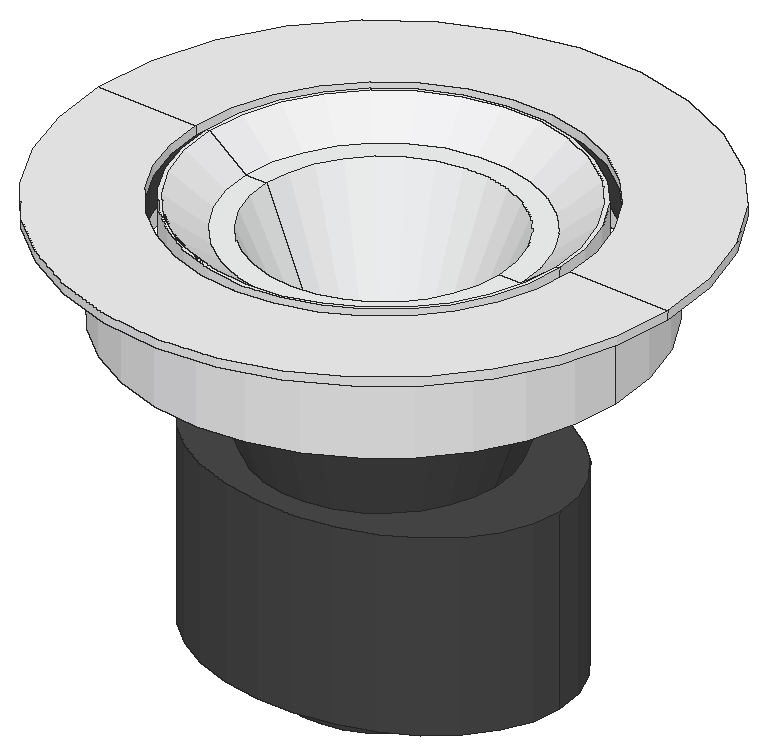
Revit family "2070023", category Lighting Fixtures, host Face, Revit 2018
Family settings
  Host = Face
  Round Connector Dimension = Use Diameter
  Part Type = Normal
  OmniClass Number = 23.80.70.11.17
  OmniClass Title = Specialized Lighting by Location or Use
  Cut with Voids When Loaded = No
  Light Source = No
  Shared = No
  Room Calculation Point = No
Parameters (values of type "EXPOSPOT 70 ADJ 90 4K WB WHT")
  Weight = 0.52 kg  # constant formula
  Total Power Consumption = 20.9996 W
  Reflector Material = Aluminum_Sylvania_Expospot_Polished
  Radius = Diameter / 2  # 68.5 mm
  Product Code = "0060248"
  Photometric Web File = IES_Expospot_70_Adjustable : 0060248
  Photobiological Risk Group = "RG1"  # constant formula
  Nominal Frequency = "50/60Hz"  # constant formula
  Mounting Outer Radius = Head Radius + 3.0 mm  # 45.5 mm
  Max. Luminaires per 20A C Breaker = "70"  # constant formula
  Max. Luminaires per 20A B Breaker = "42"  # constant formula
  Max. Luminaires per 16A C Breaker = "51"  # constant formula
  Max. Luminaires per 16A B Breaker = "31"  # constant formula
  Max. Luminaires per 13A C Breaker = "41"  # constant formula
  Max. Luminaires per 13A B Breaker = "25"  # constant formula
  Max. Luminaires per 10A C Breaker = "31"  # constant formula
  Max. Luminaires per 10A B Breaker = "19"  # constant formula
  Light Loss Factor = 1  # constant formula
  Lamp Power Factor = 0.9  # constant formula
  LOR = "100%"  # constant formula
  Keynote = ""
  Inrush Duration = "139µs"  # constant formula
  Inrush Current = 28 A  # constant formula
  Initial Intensity = 1988 lm
  Initial Color = 4000 K
  IP Rating = "IP20"  # constant formula
  IK Rating = "IK02"  # constant formula
  Height = 103.0 mm  # constant formula
  Voltage Comments = "220-240V~"  # constant formula
  Voltage = 240 V  # constant formula
  URL = "http://www.sylvania-lighting.com/product/en-int/category/interior-lighting/accent-downlights/families/expospot-led/expospot-70-adjustable"
  Product Page URL = "http://www.sylvania-lighting.com/product/en-int/products/0060248"
  Product Family = "EXPOSPOT 70 ADJUSTABLE"  # constant formula
  Head Radius = Radius - 26.0 mm  # 42.5 mm
  Head Diameter = Head Radius * 2  # 85.0 mm
  Head Angle [instance] = 0°
  Glow Wire Test = 850 °C  # constant formula
  Electrical Protection = "Class II"  # constant formula
  Drive Current = "500mA"  # constant formula
  Dimmable = "N"  # constant formula
  Diffuser Material = Acrylic_Sylvania_Expospot_4000K
  Diameter = 137.0 mm  # constant formula
  Cutout Diameter = Diameter - 11.0 mm  # 126.0 mm
  Created by URL = "http://all1studio.com/"
  Created by = "All 1 Studio Ltd. "  # constant formula
  Control Gear Type = "Electronic"  # constant formula
  Control Gear Required = "No"  # constant formula
  Control Gear Mounting = "Remote"  # constant formula
  Colour Variation Initial = "3SDCM"  # constant formula
  built-in parameter 1114216 [instance] = 1 (stored number, unit not read)
  Model = "EXPOSPOT 70 ADJ 90 4K WB WHT"
  Manufacturer = "Feilo Sylvania"  # constant formula
  Lamp = "LED"  # constant formula
  CRI = "90Ra"
  Body Material = Aluminum_Sylvania_Expospot_White
  Description = "Specifically designed for Retail and Display applications. I.e. Supermarkets Fashion Retail Department stores. Build around a 70mm reflector and lens combination."  # constant formula
  Default Elevation = 0.0 mm
  built-in parameter 1140040 [instance] = 1
  Beam Angle = 52°
  Average Life = "50 000h"  # constant formula
  Assembly Code = "D5020200"
  Apparent Load Comments = ""
  Apparent Load = 20.9996 VA
  Body Secondary Material = Plastic_Sylvania_Expospot_Black
Types (12, lengths in mm): name | Product Code | Photometric Web File | Keynote | Initial Intensity | Initial Color | URL | Product Page URL | Diffuser Material | Model | CRI | Beam Angle | Apparent Load
  EXPOSPOT 70 ADJ 90 4K WB WHT | "0060248" | IES_Expospot_70_Adjustable : 0060248 | "" | 1988 lm | 4000 K | "http://www.sylvania-lighting.com/product/en-int/category/interior-lighting/accent-downlights/families/expospot-led/expospot-70-adjustable" | "http://www.sylvania-lighting.com/product/en-int/products/0060248" | Acrylic_Sylvania_Expospot_4000K | "EXPOSPOT 70 ADJ 90 4K WB WHT" | "90Ra" | 52° | 20.9996 VA
  EXPOSPOT 70 ADJ 90 4K MB WHT | "0060247" | IES_Expospot_70_Adjustable : 0060247 | "" | 1964 lm | 4000 K | "http://www.sylvania-lighting.com/product/en-int/category/interior-lighting/accent-downlights/families/expospot-led/expospot-70-adjustable" | "http://www.sylvania-lighting.com/product/en-int/products/0060247" | Acrylic_Sylvania_Expospot_4000K | "EXPOSPOT 70 ADJ 90 4K MB WHT" | "90Ra" | 42° | 20.9996 VA
  EXPOSPOT 70 ADJ 90 4K NB WHT | "0060246" | IES_Expospot_70_Adjustable : 0060246 | "" | 1751 lm | 4000 K | "http://www.sylvania-lighting.com/product/en-int/category/interior-lighting/accent-downlights/families/expospot-led/expospot-70-adjustable" | "http://www.sylvania-lighting.com/product/en-int/products/0060246" | Acrylic_Sylvania_Expospot_4000K | "EXPOSPOT 70 ADJ 90 4K NB WHT" | "90Ra" | 24° | 20.9996 VA
  EXPOSPOT 70 ADJ 90 3K WB WHT | "0060245" | IES_Expospot_70_Adjustable : 0060245 | "" | 1815 lm | 3000 K | "http://www.sylvania-lighting.com/product/en-int/category/interior-lighting/accent-downlights/families/expospot-led/expospot-70-adjustable" | "http://www.sylvania-lighting.com/product/en-int/products/0060245" | Acrylic_Sylvania_Expospot_3000K | "EXPOSPOT 70 ADJ 90 3K WB WHT" | "90Ra" | 53° | 20.9996 VA
  EXPOSPOT 70 ADJ 90 3K MB WHT | "0060244" | IES_Expospot_70_Adjustable : 0060244 | "" | 1793 lm | 3000 K | "http://www.sylvania-lighting.com/product/en-int/category/interior-lighting/accent-downlights/families/expospot-led/expospot-70-adjustable" | "http://www.sylvania-lighting.com/product/en-int/products/0060244" | Acrylic_Sylvania_Expospot_3000K | "EXPOSPOT 70 ADJ 90 3K MB WHT" | "90Ra" | 42° | 20.9996 VA
  EXPOSPOT 70 ADJ 90 3K NB WHT | "0060243" | IES_Expospot_70_Adjustable : 0060243 | "" | 1769 lm | 3000 K | "http://www.sylvania-lighting.com/product/en-int/category/interior-lighting/accent-downlights/families/expospot-led/expospot-70-adjustable" | "http://www.sylvania-lighting.com/product/en-int/products/0060243" | Acrylic_Sylvania_Expospot_3000K | "EXPOSPOT 70 ADJ 90 3K NB WHT" | "90Ra" | 25° | 20.9996 VA
  EXPOSPOT 70 ADJ 80 4K WB WHT | "0060242" | IES_Expospot_70_Adjustable : 0060242 | "" | 1987 lm | 4000 K | "http://www.sylvania-lighting.com/product/en-int/category/interior-lighting/accent-downlights/families/expospot-led/expospot-70-adjustable" | "http://www.sylvania-lighting.com/product/en-int/products/0060242" | Acrylic_Sylvania_Expospot_4000K | "EXPOSPOT 70 ADJ 80 4K WB WHT" | "80Ra" | 54° | 20.9996 VA
  EXPOSPOT 70 ADJ 80 4K MB WHT | "0060241" | IES_Expospot_70_Adjustable : 0060241 | "" | 2224 lm | 4000 K | "http://www.sylvania-lighting.com/product/en-int/category/interior-lighting/accent-downlights/families/expospot-led/expospot-70-adjustable" | "http://www.sylvania-lighting.com/product/en-int/products/0060241" | Acrylic_Sylvania_Expospot_4000K | "EXPOSPOT 70 ADJ 80 4K MB WHT" | "80Ra" | 42° | 20.9996 VA
  EXPOSPOT 70 ADJ 80 4K NB WHT | "0060240" | IES_Expospot_70_Adjustable : 0060240 | "" | 2201 lm | 4000 K | "http://www.sylvania-lighting.com/product/en-int/category/interior-lighting/accent-downlights/families/expospot-led/expospot-70-adjustable" | "http://www.sylvania-lighting.com/product/en-int/products/0060240" | Acrylic_Sylvania_Expospot_4000K | "EXPOSPOT 70 ADJ 80 4K NB WHT" | "80Ra" | 25° | 20.9996 VA
  EXPOSPOT 70 ADJ 80 3K WB WHT | "0060239" | IES_Expospot_70_Adjustable : 0060239 | "" | 2082 lm | 3000 K | "http://www.sylvania-lighting.com/product/en-int/category/interior-lighting/accent-downlights/families/expospot-led/expospot-70-adjustable" | "http://www.sylvania-lighting.com/product/en-int/products/0060239" | Acrylic_Sylvania_Expospot_3000K | "EXPOSPOT 70 ADJ 80 3K WB WHT" | "80Ra" | 54° | 20.9996 VA
  EXPOSPOT 70 ADJ 80 3K NB WHT | "0060237" | IES_Expospot_70_Adjustable : 0060237 | "" | 2149 lm | 3000 K | "http://www.sylvania-lighting.com/product/en-int/category/interior-lighting/accent-downlights/families/expospot-led/expospot-70-adjustable" | "http://www.sylvania-lighting.com/product/en-int/products/0060237" | Acrylic_Sylvania_Expospot_3000K | "EXPOSPOT 70 ADJ 80 3K NB WHT" | "80Ra" | 43° | 20.9996 VA
  2070023 EXPOSPOT 70 ADJ RA90 3000K WB WHITE | "0060238" | IES_Expospot_70_Adjustable : 0060245 | "n/a" | 2152 lm | 3000 K | "0.9" | "http://www.sylvania-lighting.com/product/en-int/products/0060238" | Acrylic_Sylvania_Expospot_3000K | "EXPOSPOT 70 ADJUSTABLE RA90 3000K WB WHITE" | "80Ra" | 43° | 21 VA
Reference planes
  plane 1 "Center (Front/Back)": y = 0
  plane 2: z = 0
  plane 3 "Center (Left/Right)": x = -7.423
  plane 4: z = 2
  plane 5: z = -22.5
  plane 6: x = -75.923
  plane 7: z = -5
Forms (mm)
  Revolve 1, solid, material "Aluminum_Sylvania_Expospot_White" <- "Body Material", detail levels fine
    sketch origin (0, 0, 0) x (1, 0, 0) y (0, 0, 1)
      loop
        line (-75.923, 2) -> (-75.923, 0) -> (-63.423, 0) -> (-63.423, -22.5) -> (-61.423, -22.5) -> (-61.423, 0) -> (-52.423, 0) -> (-52.423, 2) -> (-75.923, 2)
      axis (-7.423, 2) -> (-7.423, -22.5)
    angle from 0 to 360
  Revolve 2, solid, material "Plastic_Sylvania_Expospot_Black" <- "Body Secondary Material", detail levels fine
    sketch origin (0, 0, 0) x (1, 0, 0) y (0, 0, 1)
      loop
        line (-61.423, 0) -> (-61.423, -1.5) -> (-54.423, -1.5) -> (-54.423, -8.5) -> (-52.923, -8.5) -> (-52.923, 0) -> (-61.423, 0)
      axis (-7.423, 0) -> (-7.423, -8.5)
    angle from 0 to 360
  Extrusion 3, void
    sketch origin (0, 0, 0) x (1, 0, 0) y (0, 1, 0)
      loop
        circle (-7.423, 0) r 63
    from -116.997 to 69.443
  Extrusion 4, solid, material "Aluminum_Sylvania_Expospot_White" <- "Body Material", detail levels fine
    sketch origin (-7.423, 0, 0) x (0, 1, 0) y (0, 0, 1)
      loop
        circle (0, -5) r 3.5
    from 42.5 <- "Head Radius" to 45.5 <- "Mounting Outer Radius"
  Extrusion 5, solid, material "Aluminum_Sylvania_Expospot_White" <- "Body Material", detail levels fine
    sketch origin (-7.423, 0, 0) x (0, 1, 0) y (0, 0, -1)
      loop
        circle (0, 5) r 3.5
    from 42.5 <- "Head Radius" to 45.5 <- "Mounting Outer Radius"
  Revolve 6, solid, material "Aluminum_Sylvania_Expospot_White" <- "Body Material", detail levels coarse+medium
    sketch origin (0, 0, 0) x (1, 0, 0) y (0, 0, 1)
      loop
        line (-75.923, 2) -> (-75.923, 0) -> (-63.423, 0) -> (-63.423, -22.5) -> (-61.423, -22.5) -> (-61.423, -8.5) -> (-52.423, -8.5) -> (-52.423, 2) -> (-75.923, 2)
      axis (-7.423, 2) -> (-7.423, -22.5)
    angle from 0 to 360
Lines and regions (mm)
  Masking region 1
    outline origin (0, 0, 0) x (1, 0, 0) y (0, 1, 0)
      loop
        circle (-7.423, 0) r 68.5
  reference lines
    curve 1: line (-7.423, 0, -5) -> (-7.423, 0, -60)
  symbolic lines, detail levels fine
    curve 2: arc (-52.423, 0, 0) -> (-7.423, 45, 0) -> (37.577, 0, 0) r 45
    curve 3: arc (37.577, 0, 0) -> (-7.423, -45, 0) -> (-52.423, 0, 0) r 45
Dimensions and locks
  plane 4 to plane 2 to plane 7 to plane 5 = 2.0 mm locked, 5.0 mm locked, 17.5 mm locked
  "Radius": plane 6 to plane 3 "Center (Left/Right)"
  "Cutout Diameter": diameter of Extrusion 3 sketch curve
  "Head Angle": angle plane 1 "Center (Front/Back)" to curve 1
  aligned and locked: host face to plane 2
  aligned and locked: host face to level
  aligned and locked: plane 6 to Revolve 1 sketch curve
  aligned and locked: Revolve 1 sketch curve to plane 3 "Center (Left/Right)"
  aligned and locked: plane 1 "Center (Front/Back)" to curve 1
  aligned and locked: plane 7 to curve 1
  aligned and locked: plane 6 to Revolve 6 sketch curve
Automatic sketch dimensions
  host sketch curve to host sketch curve = 1412.252 mm
  host sketch curve to host sketch curve = 1359.6 mm
  Revolve 1 sketch curve to level = 0.0 mm  (x2)
  Revolve 1 sketch curve to plane 5 = 0.0 mm
  Revolve 1 sketch curve to plane 4 = 0.0 mm
  Revolve 1 sketch curve to Revolve 1 sketch curve = 12.5 mm
  Revolve 1 sketch curve to Revolve 1 sketch curve = 2.0 mm
  Revolve 1 sketch curve to Revolve 1 sketch curve = 9.0 mm
  Revolve 1 sketch curve to plane 5 = 349.774 mm
  plane 4 to Revolve 1 sketch curve = 1145.706 mm
  Revolve 2 sketch curve to level = 0.0 mm
  Revolve 2 sketch curve to plane 3 "Center (Left/Right)" = 0.0 mm
  Revolve 2 sketch curve to plane 6 = 23.0 mm
  Revolve 2 sketch curve to Revolve 2 sketch curve = 1.5 mm
  Revolve 2 sketch curve to level = 1.5 mm
  Revolve 2 sketch curve to Revolve 2 sketch curve = 7.0 mm
  Revolve 2 sketch curve to plane 7 = 3.5 mm
  Revolve 2 sketch curve to plane 5 = 349.774 mm
  plane 4 to Revolve 2 sketch curve = 1145.706 mm
  plane 1 "Center (Front/Back)" to Extrusion 3 sketch curve = 0.0 mm
  Extrusion 3 sketch curve to plane 3 "Center (Left/Right)" = 0.0 mm
  Extrusion 4 sketch curve to plane 1 "Center (Front/Back)" = 0.0 mm
  Extrusion 4 sketch curve to plane 7 = 0.0 mm
  Extrusion 5 sketch curve to plane 1 "Center (Front/Back)" = 0.0 mm
  Extrusion 5 sketch curve to plane 7 = 0.0 mm
  Revolve 6 sketch curve to level = 0.0 mm
  Revolve 6 sketch curve to plane 5 = 0.0 mm
  Revolve 6 sketch curve to plane 4 = 0.0 mm
  Revolve 6 sketch curve to plane 3 "Center (Left/Right)" = 0.0 mm
  Revolve 6 sketch curve to plane 6 = 12.5 mm
  Revolve 6 sketch curve to plane 7 = 3.5 mm
  Revolve 6 sketch curve to Revolve 6 sketch curve = 9.0 mm
  Revolve 6 sketch curve to plane 5 = 349.774 mm
  plane 4 to Revolve 6 sketch curve = 1145.706 mm
  Revolve 6 sketch curve to Revolve 6 sketch curve = 2.0 mm
  Masking region 1 sketch curve to Masking region 1 sketch curve = 0.0 mm  (x2)
  plane 1 "Center (Front/Back)" to Masking region 1 sketch curve = 0.0 mm
  Masking region 1 sketch curve to plane 6 = 0.0 mm
  Masking region 1 sketch curve to plane 3 "Center (Left/Right)" = 0.0 mm
  curve 2 to curve 3 = 0.0 mm  (x2)
  plane 1 "Center (Front/Back)" to curve 2 = 0.0 mm
  curve 3 to plane 3 "Center (Left/Right)" = 0.0 mm
  curve 3 to plane 6 = 23.5 mm
  radius of Extrusion 4 sketch curve = 3.5 mm
  radius of Extrusion 5 sketch curve = 3.5 mm
Nested families
  nested 1: "Head_Expospot 70" at (-7.423, 0, 2), type "Head_Expospot 70"
  nested 2: "IES_Expospot_70_Adjustable" at (-7.423, 0, 2), type <- "Photometric Web File", type "0060248"
Connectors
  electrical at (-7.423, 0, -101), driven by "Voltage", driven by "Apparent Load", driven by "Lamp Power Factor"
    settings: on nested 1, index 1, voltage 240 V, apparent load 0 VA, apparent load phase1 20.9996 VA, apparent load phase2 0 VA, apparent load phase3 0 VA, power factor 0.9, load classification "Lighting", number of poles 1, system type 31, power factor state 1, is connector primary yes, connector utility no, sub classification motor no, connector description ""
Definition of nested family "Head_Expospot 70"
  Parameters (values of type "Head_Expospot 70")
    Reflector Material = none
    Radius = 42.5 mm
    Height = 103.0 mm
    Diffuser Material = none
    Default Elevation = 0.0 mm
    Cooling Y Axis = Radius - 10.0 mm  # 32.5 mm
    Cooling X Axis = Radius  # 42.5 mm
    Body Secondary Material = none
    Body Material = none
  Reference planes
    plane 1 "Center (Front/Back)": y = 0
    plane 2: z = 0
    plane 3 "Center (Left/Right)": x = 0
    plane 4: z = -47.5
    plane 5: z = -6.5
    plane 6 "Fixture Radius": x = -42.5
    plane 7: z = -52.5
    plane 8: z = -95
    plane 9: z = -103
    plane 10: z = -28
    plane 11 "Diffuser Radius": x = -10.5
  Forms (mm)
    Revolve 1, solid, material <- "Body Material", detail levels fine
      sketch origin (0, 0, 0) x (1, 0, 0) y (0, 0, 1)
        loop
          line (-42.5, 0) -> (-42.5, -28) -> (-40.5, -28) -> (-40.5, -3.393) -> (-36.342, -6.5) -> (-33, -6.5) -> (-41.7, 0) -> (-42.5, 0)
        axis (0, 0) -> (0, -28)
      angle from 0 to 360
    Revolve 2, solid, material <- "Reflector Material", detail levels fine
      sketch origin (0, 0, 0) x (1, 0, 0) y (0, 0, 1)
        loop
          line (-35, -6.5) -> (-35, -8.5) -> (-29.321, -8.5) -> (-12.675, -47.5) -> (-10.5, -47.5) -> (-28, -6.5) -> (-35, -6.5)
        axis (0, -6.5) -> (0, -47.5)
      angle from 0 to 360
    Revolve 3, solid, material <- "Body Secondary Material", detail levels fine
      sketch origin (0, 0, 0) x (1, 0, 0) y (0, 0, 1)
        loop
          line (-40.5, -17.5) -> (-40.5, -28) -> (-36.5, -28) -> (-27.095, -52.5) -> (0, -52.5) -> (0, -51.5) -> (-10.5, -51.5) -> (-10.5, -47.5) -> (-27.944, -47.5) -> (-35.813, -27) -> (-39.5, -27) -> (-39.5, -17.5) -> (-40.5, -17.5)
        axis (0, -17.5) -> (0, -52.5)
      angle from 0 to 360
    Revolve 4, solid, material <- "Body Secondary Material", detail levels fine
      sketch origin (0, 0, 0) x (1, 0, 0) y (0, 0, 1)
        loop
          line (-23.5, -95) -> (-23.5, -97) -> (-21.5, -103) -> (0, -103) -> (0, -95) -> (-23.5, -95)
        axis (0, -95) -> (0, -103)
      angle from 0 to 360
    Extrusion 5, solid, material <- "Body Secondary Material", detail levels fine
      sketch origin (0, 0, 0) x (1, 0, 0) y (0, 1, 0)
        loop
          spline (42.5, 0) -> (41.052, 8.412) -> (36.806, 16.25) -> (30.052, 22.981) -> (21.25, 28.146) -> (11, 31.393) -> (0, 32.5) -> (-11, 31.393) -> (-21.25, 28.146) -> (-30.052, 22.981) -> (-36.806, 16.25) -> (-41.052, 8.412) -> (-42.5, 0)
          spline (-42.5, 0) -> (-41.052, -8.412) -> (-36.806, -16.25) -> (-30.052, -22.981) -> (-21.25, -28.146) -> (-11, -31.393) -> (0, -32.5) -> (11, -31.393) -> (21.25, -28.146) -> (30.052, -22.981) -> (36.806, -16.25) -> (41.052, -8.412) -> (42.5, 0)
      from -95 to -52.5
    Extrusion 6, solid, material <- "Body Material", detail levels coarse+medium
      sketch origin (0, 0, 0) x (1, 0, 0) y (0, 1, 0)
        loop
          circle (0, 0) r 42.5
      from -103 to 0
    Revolve 7, solid, material <- "Diffuser Material", detail levels fine
      sketch origin (0, 0, 0) x (1, 0, 0) y (0, 0, 1)
        loop
          line (-10.5, -47.5) -> (-10.5, -51.5) -> (0, -51.5) -> (0, -47.5) -> (-10.5, -47.5)
        axis (0, -47.5) -> (0, -51.5)
      angle from 0 to 360
  Dimensions and locks
    "Radius": plane 3 "Center (Left/Right)" to plane 6 "Fixture Radius"
    locked: Revolve 4 sketch curve to plane 6 "Fixture Radius" at 19
    "Cooling Y Axis": plane 1 "Center (Front/Back)" to Extrusion 5 sketch curve
    "Cooling X Axis": Extrusion 5 sketch curve to plane 3 "Center (Left/Right)"
    locked: plane 11 "Diffuser Radius" to plane 6 "Fixture Radius" at 32
    plane 2 to plane 5 to plane 10 to plane 4 to plane 7 = 6.5 mm locked, 21.5 mm locked, 19.5 mm locked, 5.0 mm locked
    locked: plane 8 to plane 9 at 8
    "Height": plane 2 to plane 9
    "Radius": radius of Extrusion 6 sketch curve
    aligned and locked: level to plane 2
    aligned and locked: Revolve 1 sketch curve to plane 6 "Fixture Radius"
    aligned and locked: Extrusion 5 to plane 8
    aligned and locked: plane 7 to Extrusion 5
    aligned and locked: Extrusion 6 to plane 9
    aligned and locked: plane 2 to Extrusion 6
    aligned and locked: Revolve 1 sketch curve to plane 10
    aligned and locked: plane 11 "Diffuser Radius" to Revolve 7 sketch curve
    aligned and locked: plane 11 "Diffuser Radius" to Revolve 3 sketch curve
  Automatic sketch dimensions
    Revolve 4 sketch curve to plane 8 = 0.0 mm
    Revolve 4 sketch curve to plane 9 = 0.0 mm
    Revolve 4 sketch curve to plane 3 "Center (Left/Right)" = 0.0 mm  (x2)
    Revolve 4 sketch curve to plane 8 = 2.0 mm
    Revolve 4 sketch curve to Revolve 4 sketch curve = 2.0 mm
    Revolve 4 sketch curve to plane 9 = 265.545 mm
    level to Revolve 4 sketch curve = 2214.315 mm
    Revolve 1 sketch curve to level = 0.0 mm
    Revolve 1 sketch curve to plane 5 = 0.0 mm
    Revolve 1 sketch curve to plane 3 "Center (Left/Right)" = 0.0 mm
    Revolve 1 sketch curve to Revolve 1 sketch curve = 0.8 mm
    plane 6 "Fixture Radius" to Revolve 1 sketch curve = 2.0 mm
    plane 5 to Revolve 1 sketch curve = 3.107 mm
    Revolve 1 sketch curve to Revolve 1 sketch curve = 3.342 mm
    Revolve 1 sketch curve to Revolve 1 sketch curve = 7.5 mm
    Revolve 1 sketch curve to plane 9 = 288.545 mm
    level to Revolve 1 sketch curve = 2214.315 mm
    Revolve 7 sketch curve to plane 3 "Center (Left/Right)" = 0.0 mm  (x2)
    Revolve 7 sketch curve to plane 4 = 0.0 mm
    plane 7 to Revolve 7 sketch curve = 1.0 mm
    Revolve 3 sketch curve to plane 10 = 0.0 mm
    Revolve 3 sketch curve to plane 4 = 0.0 mm
    Revolve 3 sketch curve to plane 3 "Center (Left/Right)" = 0.0 mm  (x2)
    Revolve 3 sketch curve to plane 7 = 0.0 mm
    Revolve 3 sketch curve to Revolve 3 sketch curve = 0.848 mm
    plane 10 to Revolve 3 sketch curve = 1.0 mm
    plane 6 "Fixture Radius" to Revolve 3 sketch curve = 6.687 mm
    Revolve 3 sketch curve to Revolve 3 sketch curve = 0.687 mm
    plane 6 "Fixture Radius" to Revolve 3 sketch curve = 3.0 mm
    Revolve 3 sketch curve to Revolve 3 sketch curve = 1.0 mm
    Revolve 3 sketch curve to Revolve 3 sketch curve = 9.5 mm
    Revolve 3 sketch curve to plane 9 = 265.545 mm
    plane 7 to Revolve 3 sketch curve = 1.0 mm
    level to Revolve 3 sketch curve = 2214.315 mm
    plane 6 "Fixture Radius" to Revolve 3 sketch curve = 14.556 mm
    Revolve 7 sketch curve to plane 9 = 265.545 mm
    level to Revolve 7 sketch curve = 2214.315 mm
    Revolve 2 sketch curve to plane 5 = 0.0 mm
    plane 11 "Diffuser Radius" to Revolve 2 sketch curve = 0.0 mm
    Revolve 2 sketch curve to plane 3 "Center (Left/Right)" = 0.0 mm
    Revolve 2 sketch curve to Revolve 2 sketch curve = 7.0 mm
    Revolve 2 sketch curve to plane 9 = 288.545 mm
    level to Revolve 2 sketch curve = 2214.315 mm
    Revolve 2 sketch curve to plane 5 = 2.0 mm
    Revolve 2 sketch curve to plane 4 = 0.0 mm
    plane 11 "Diffuser Radius" to Revolve 2 sketch curve = 2.175 mm
    Revolve 2 sketch curve to Revolve 2 sketch curve = 1.321 mm
    plane 6 "Fixture Radius" to Revolve 2 sketch curve = 14.5 mm
    plane 1 "Center (Front/Back)" to Extrusion 5 sketch curve = 0.0 mm
    Extrusion 5 sketch curve to plane 3 "Center (Left/Right)" = 0.0 mm
    plane 1 "Center (Front/Back)" to Extrusion 6 sketch curve = 0.0 mm
    Extrusion 6 sketch curve to plane 3 "Center (Left/Right)" = 0.0 mm
Definition of nested family "IES_Expospot_70_Adjustable"
  Parameters (values of type "0060237")
    Wattage = 21.0007 W
    built-in parameter 1150110 = 1 (stored number, unit not read)
    Total Power Consumption = 20.9996 W
    built-in parameter 1114217 = 1 (stored number, unit not read)
    Tilt Angle = -90°
    built-in parameter 1150109 = 1 (stored number, unit not read)
    built-in parameter 1150134 = (empty or 0)
    built-in parameter 1150113 = 1 (stored number, unit not read)
    Photometric Web File = "0060237.ies"
    built-in parameter 1150105 = 171.01 (stored number, unit not read)
    Lumens = 2149 lm
    built-in parameter 1150115 = 1 (stored number, unit not read)
    built-in parameter 1150137 = (empty or 0)
    built-in parameter 1150139 = (empty or 0)
    built-in parameter 1150112 = 1 (stored number, unit not read)
    built-in parameter 1150114 = 1 (stored number, unit not read)
    built-in parameter 1150132 = 2
    built-in parameter 1150102 = (empty or 0)
    built-in parameter 1150107 = 3000 (stored number, unit not read)
    built-in parameter 1150138 = (empty or 0)
    built-in parameter 1150106 = 1.7101 (stored number, unit not read)
    Emit from Circle Diameter = 85.0 mm
    Emit Shape Visible in Rendering = no
    built-in parameter 1150104 = 9.5068 (stored number, unit not read)
    Dimming Lamp Color Temperature Shift = (empty or 0)
    Default Elevation = 0.0 mm
    Color Filter = 16777215
    built-in parameter 1114218 = 1 (stored number, unit not read)
    built-in parameter 1150133 = 10 (stored number, unit not read)
    Apparent Load = 20.9996 VA
  Types (12, lengths in mm): name | Wattage | built-in parameter 1150134 | Photometric Web File | built-in parameter 1150105 | Lumens | built-in parameter 1150107 | built-in parameter 1150106 | built-in parameter 1150104
    0060248 | 20.9996 W | 12 | "0060248.ies" | 158.2 (stored number, unit not read) | 1988 lm | 4000 (stored number, unit not read) | 1.582 (stored number, unit not read) | 8.795 (stored number, unit not read)
    0060247 | 20.9996 W | 12 | "0060247.ies" | 156.29 (stored number, unit not read) | 1964 lm | 4000 (stored number, unit not read) | 1.5629 (stored number, unit not read) | 8.6888 (stored number, unit not read)
    0060246 | 20.9996 W | 12 | "0060246.ies" | 139.34 (stored number, unit not read) | 1751 lm | 4000 (stored number, unit not read) | 1.3934 (stored number, unit not read) | 7.7465 (stored number, unit not read)
    0060245 | 20.9996 W | (empty or 0) | "0060245.ies" | 144.43 (stored number, unit not read) | 1815 lm | 3000 (stored number, unit not read) | 1.4443 (stored number, unit not read) | 8.0296 (stored number, unit not read)
    0060244 | 20.9996 W | (empty or 0) | "0060244.ies" | 142.68 (stored number, unit not read) | 1793 lm | 3000 (stored number, unit not read) | 1.4268 (stored number, unit not read) | 7.9323 (stored number, unit not read)
    0060243 | 20.9996 W | (empty or 0) | "0060243.ies" | 140.77 (stored number, unit not read) | 1769 lm | 3000 (stored number, unit not read) | 1.4077 (stored number, unit not read) | 7.8261 (stored number, unit not read)
    0060242 | 20.9996 W | 12 | "0060242.ies" | 158.12 (stored number, unit not read) | 1987 lm | 4000 (stored number, unit not read) | 1.5812 (stored number, unit not read) | 8.7906 (stored number, unit not read)
    0060241 | 20.9996 W | 12 | "0060241.ies" | 176.98 (stored number, unit not read) | 2224 lm | 4000 (stored number, unit not read) | 1.7698 (stored number, unit not read) | 9.8391 (stored number, unit not read)
    0060240 | 20.9996 W | 12 | "0060240.ies" | 175.15 (stored number, unit not read) | 2201 lm | 4000 (stored number, unit not read) | 1.7515 (stored number, unit not read) | 9.7373 (stored number, unit not read)
    0060239 | 20.9996 W | (empty or 0) | "0060239.ies" | 165.68 (stored number, unit not read) | 2082 lm | 3000 (stored number, unit not read) | 1.6568 (stored number, unit not read) | 9.2109 (stored number, unit not read)
    0060238 | 20.9996 W | (empty or 0) | "0060238.ies" | 171.25 (stored number, unit not read) | 2152 lm | 3000 (stored number, unit not read) | 1.7125 (stored number, unit not read) | 9.5206 (stored number, unit not read)
    0060237 | 21.0007 W | (empty or 0) | "0060237.ies" | 171.01 (stored number, unit not read) | 2149 lm | 3000 (stored number, unit not read) | 1.7101 (stored number, unit not read) | 9.5068 (stored number, unit not read)
  Reference planes
    plane 1 "Center (Front/Back)": y = 0
    plane 2: z = 0
    plane 3 "Center (Left/Right)": x = 0
  Dimensions and locks
    aligned and locked: level to plane 2
    aligned and locked: plane 3 "Center (Left/Right)" to imposter light
    aligned and locked: plane 1 "Center (Front/Back)" to imposter light
    aligned and locked: level to imposter light
